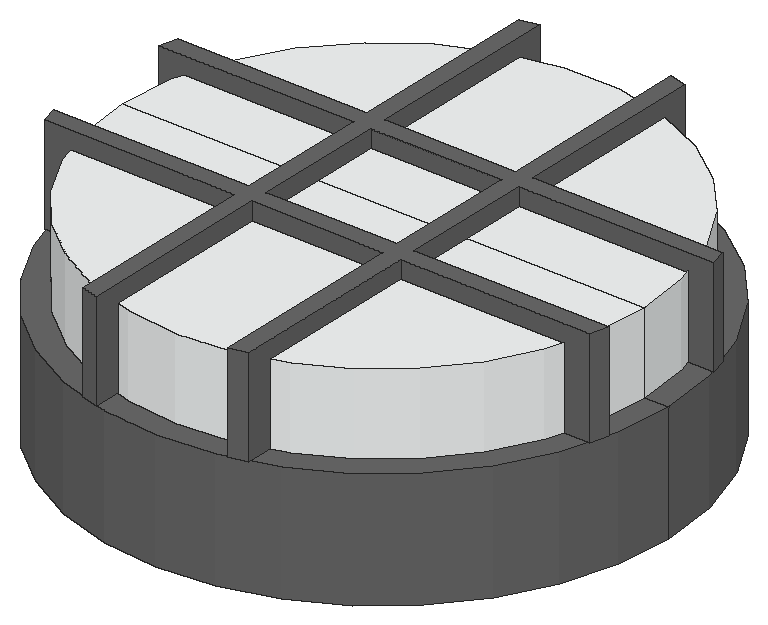
Revit family "33503_HOST_FACE", category Lighting Fixtures, host Face, Revit 2019
Family settings
  Host = Face
  Round Connector Dimension = Use Diameter
  Part Type = Normal
  Cut with Voids When Loaded = Yes
  Light Source = Yes
  Shared = No
  Room Calculation Point = No
Parameters (values of type "Ceiling and Wall Luminaires - Unshielded")
  Wattage = 2.80729 W
  built-in parameter 1150110 = 1 (stored number, unit not read)
  URL = "www.bega-us.com"
  built-in parameter 1114217 = 1 (stored number, unit not read)
  Tilt Angle = 180.00°
  built-in parameter 1150109 = 1 (stored number, unit not read)
  built-in parameter 1150134 = (empty or 0)
  Telephone = "805.684.0533"
  built-in parameter 1150113 = 1 (stored number, unit not read)
  Photometric Web File = "33503.ies"
  Model = "33 508"
  Manufacturer = "BEGA-US"
  built-in parameter 1150105 = 33.184 (stored number, unit not read)
  Lumens = 417 lm
  built-in parameter 1150115 = 1 (stored number, unit not read)
  built-in parameter 1150137 = (empty or 0)
  built-in parameter 1150139 = (empty or 0)
  built-in parameter 1150112 = 1 (stored number, unit not read)
  built-in parameter 1150114 = 1 (stored number, unit not read)
  Lamp = "4.7W LED"
  built-in parameter 1150132 = 2
  built-in parameter 1150102 = (empty or 0)
  built-in parameter 1150107 = 3000 (stored number, unit not read)
  built-in parameter 1150138 = (empty or 0)
  built-in parameter 1150106 = 0.33184 (stored number, unit not read)
  built-in parameter 1150104 = 13.8 (stored number, unit not read)
  Dimming Lamp Color Temperature Shift = <None>
  Description = "LED ceiling and wall luminaires - impact resistant"
  Default Elevation = 0' - 0"
  Color Filter = 16777215
  built-in parameter 1114218 = 1 (stored number, unit not read)
  built-in parameter 1150133 = 10 (stored number, unit not read)
Types (27): name | Wattage | Tilt Angle | built-in parameter 1150134 | Photometric Web File | Model | built-in parameter 1150105 | Lumens | Lamp | built-in parameter 1150107 | built-in parameter 1150106 | Description | Default Elevation
  (no name) | 2.80729 W | 180.00° | (empty or 0) | "33503.ies" | "33 508" | 33.184 (stored number, unit not read) | 417 lm | "4.7W LED" | 3000 (stored number, unit not read) | 0.33184 (stored number, unit not read) | "LED ceiling and wall luminaires - impact resistant" | 0' - 0"
  Wall Luminaires - Directed Light | 18.4392 W | 90.00° | (empty or 0) | "generic" | "2260LED" | 217.96 (stored number, unit not read) | 2739 lm | "44.6W LED" | 3000 (stored number, unit not read) | 2.1796 (stored number, unit not read) | "Surface wall with cutoff optics" | 6' - 0"
  Wall Luminaires - Linear | 9.92985 W | 90.00° | 9 | "generic" | "4425P" | 117.38 (stored number, unit not read) | 1475 lm | "(1) 39W CF twin-4-p" | 3450 (stored number, unit not read) | 1.1738 (stored number, unit not read) | "Suface wall - linear with white acrylic diffuser" | 6' - 0"
  Ceiling and Wall Luminaires - Unshielded | 2.80729 W | 180.00° | (empty or 0) | "33503.ies" | "33 508" | 33.184 (stored number, unit not read) | 417 lm | "4.7W LED" | 3000 (stored number, unit not read) | 0.33184 (stored number, unit not read) | "LED ceiling and wall luminaires - impact resistant" | 0' - 0"
  Recessed Luminaires - Round | 2.66591 W | 0.00° | (empty or 0) | "33508.ies" | "33 508" | 31.513 (stored number, unit not read) | 396 lm | "W LED" | 3000 (stored number, unit not read) | 0.31513 (stored number, unit not read) | "LED ceiling and wall luminaires - impact resistant" | 0' - 0"
  Recessed Luminaires - Square | 0.0067321 W | 0.00° | (empty or 0) | "88754.IES" | 0' - 0" | 0.079577 (stored number, unit not read) | 1 lm | "W LED" | 3000 (stored number, unit not read) | 0.00079577 (stored number, unit not read) | 0' - 0" | 0' - 0"
  Recessed Luminaires - Retangular | 2.66591 W | 0.00° | (empty or 0) | "33508.ies" | "33 508" | 31.513 (stored number, unit not read) | 396 lm | "W LED" | 3000 (stored number, unit not read) | 0.31513 (stored number, unit not read) | "LED ceiling and wall luminaires - impact resistant" | 0' - 0"
  Recessed Luminaires - Elongated | 2.66591 W | 0.00° | (empty or 0) | "33508.ies" | "33 508" | 31.513 (stored number, unit not read) | 396 lm | "W LED" | 3000 (stored number, unit not read) | 0.31513 (stored number, unit not read) | "LED ceiling and wall luminaires - impact resistant" | 0' - 0"
  Recessed Ceiling Luminaires - Downlights | 2.66591 W | 0.00° | (empty or 0) | "33508.ies" | "33 508" | 31.513 (stored number, unit not read) | 396 lm | "W LED" | 3000 (stored number, unit not read) | 0.31513 (stored number, unit not read) | "LED ceiling and wall luminaires - impact resistant" | 0' - 0"
  Recessed Ceiling Luminaires - Asymmetric | 2.66591 W | 0.00° | (empty or 0) | "33508.ies" | "33 508" | 31.513 (stored number, unit not read) | 396 lm | "W LED" | 3000 (stored number, unit not read) | 0.31513 (stored number, unit not read) | "LED ceiling and wall luminaires - impact resistant" | 0' - 0"
  Pendant and Cable Suspended Luminaires - Shielded | 2.66591 W | 0.00° | (empty or 0) | "33508.ies" | "33 508" | 31.513 (stored number, unit not read) | 396 lm | "W LED" | 3000 (stored number, unit not read) | 0.31513 (stored number, unit not read) | "LED ceiling and wall luminaires - impact resistant" | 0' - 0"
  Pendant and Cable Suspended Luminaires - Directed | 2.66591 W | 0.00° | (empty or 0) | "33508.ies" | "33 508" | 31.513 (stored number, unit not read) | 396 lm | "W LED" | 3000 (stored number, unit not read) | 0.31513 (stored number, unit not read) | "LED ceiling and wall luminaires - impact resistant" | 0' - 0"
  Ceiling Luminaires - Downlights | 2.66591 W | 0.00° | (empty or 0) | "33508.ies" | "33 508" | 31.513 (stored number, unit not read) | 396 lm | "W LED" | 3000 (stored number, unit not read) | 0.31513 (stored number, unit not read) | "LED ceiling and wall luminaires - impact resistant" | 0' - 0"
  Ceiling Luminaires - Asymmetric | 2.66591 W | 0.00° | (empty or 0) | "33508.ies" | "33 508" | 31.513 (stored number, unit not read) | 396 lm | "W LED" | 3000 (stored number, unit not read) | 0.31513 (stored number, unit not read) | "LED ceiling and wall luminaires - impact resistant" | 0' - 0"
  Ceiling and Wall Luminaires - Stainless Steel | 2.66591 W | 0.00° | (empty or 0) | "33508.ies" | "33 508" | 31.513 (stored number, unit not read) | 396 lm | "W LED" | 3000 (stored number, unit not read) | 0.31513 (stored number, unit not read) | "LED ceiling and wall luminaires - impact resistant" | 0' - 0"
  Wall Luminaires - Stainless Steel | 2.66591 W | 0.00° | (empty or 0) | "33508.ies" | "33 508" | 31.513 (stored number, unit not read) | 396 lm | "W LED" | 3000 (stored number, unit not read) | 0.31513 (stored number, unit not read) | "LED ceiling and wall luminaires - impact resistant" | 0' - 0"
  Wall Luminaires - Unshielded Light | 2.66591 W | 0.00° | (empty or 0) | "33508.ies" | "33 508" | 31.513 (stored number, unit not read) | 396 lm | "W LED" | 3000 (stored number, unit not read) | 0.31513 (stored number, unit not read) | "LED ceiling and wall luminaires - impact resistant" | 0' - 0"
  Wall Luminaires - Shielded Light | 2.66591 W | 0.00° | (empty or 0) | "33508.ies" | "33 508" | 31.513 (stored number, unit not read) | 396 lm | "W LED" | 3000 (stored number, unit not read) | 0.31513 (stored number, unit not read) | "LED ceiling and wall luminaires - impact resistant" | 0' - 0"
  On-Ground Luminaires | 2.66591 W | 0.00° | (empty or 0) | "33508.ies" | "33 508" | 31.513 (stored number, unit not read) | 396 lm | "W LED" | 3000 (stored number, unit not read) | 0.31513 (stored number, unit not read) | "LED ceiling and wall luminaires - impact resistant" | 0' - 0"
  Light Design Elements | 2.66591 W | 0.00° | (empty or 0) | "33508.ies" | "33 508" | 31.513 (stored number, unit not read) | 396 lm | "W LED" | 3000 (stored number, unit not read) | 0.31513 (stored number, unit not read) | "LED ceiling and wall luminaires - impact resistant" | 0' - 0"
  LED System Bollard | 2.66591 W | 0.00° | (empty or 0) | "33508.ies" | "33 508" | 31.513 (stored number, unit not read) | 396 lm | "W LED" | 3000 (stored number, unit not read) | 0.31513 (stored number, unit not read) | "LED ceiling and wall luminaires - impact resistant" | 0' - 0"
  Bollards | 2.66591 W | 0.00° | (empty or 0) | "33508.ies" | "33 508" | 31.513 (stored number, unit not read) | 396 lm | "W LED" | 3000 (stored number, unit not read) | 0.31513 (stored number, unit not read) | "LED ceiling and wall luminaires - impact resistant" | 0' - 0"
  Bollards - Stainless Steel | 2.66591 W | 0.00° | (empty or 0) | "33508.ies" | "33 508" | 31.513 (stored number, unit not read) | 396 lm | "W LED" | 3000 (stored number, unit not read) | 0.31513 (stored number, unit not read) | "LED ceiling and wall luminaires - impact resistant" | 0' - 0"
  Light Building Elements | 2.66591 W | 0.00° | (empty or 0) | "33508.ies" | "33 508" | 31.513 (stored number, unit not read) | 396 lm | "W LED" | 3000 (stored number, unit not read) | 0.31513 (stored number, unit not read) | "LED ceiling and wall luminaires - impact resistant" | 0' - 0"
  Pole-top Luminaires - with asymmetrical light distribution | 2.66591 W | 0.00° | (empty or 0) | "33508.ies" | "33 508" | 31.513 (stored number, unit not read) | 396 lm | "W LED" | 3000 (stored number, unit not read) | 0.31513 (stored number, unit not read) | "LED ceiling and wall luminaires - impact resistant" | 0' - 0"
  Pole-top Luminaires - with symmetrical light distribution | 2.66591 W | 0.00° | (empty or 0) | "33508.ies" | "33 508" | 31.513 (stored number, unit not read) | 396 lm | "W LED" | 3000 (stored number, unit not read) | 0.31513 (stored number, unit not read) | "LED ceiling and wall luminaires - impact resistant" | 0' - 0"
  Pole-top Luminaires - with indirect light | 2.66591 W | 0.00° | (empty or 0) | "88754.IES" | "33 508" | 31.513 (stored number, unit not read) | 396 lm | "W LED" | 3000 (stored number, unit not read) | 0.31513 (stored number, unit not read) | "LED ceiling and wall luminaires - impact resistant" | 0' - 0"
Reference planes (in)
  plane 1 "Center (Front/Back)": y = 0
  plane 2: z = 0
  plane 3 "Center (Left/Right)": x = 0
Dimensions and locks (in)
  aligned and locked: plane 2 to host face
  aligned and locked: level to host face
Nested families (in)
  nested 1: "33503" at (0, 0, 0), type "33503"
Connectors (in)
  electrical at (0, 0, 0)
    settings: on host face, index 1, voltage 0 V, apparent load 0 VA, apparent load phase1 0 VA, apparent load phase2 0 VA, apparent load phase3 0 VA, power factor 1, load classification "Other", number of poles 1, system type 31, power factor state 1, is connector primary yes, connector utility no, sub classification motor no, connector description ""
Definition of nested family "33503"
  Reference planes (in)
    plane 1 "Center (Front/Back)": y = 0
    plane 2: z = 0
    plane 3 "Center (Left/Right)": x = 0
    plane 4: y = 0
  Forms (in)
    Revolve 1, solid
      sketch origin (0, 0, 0) x (1, 0, 0) y (0, 0, 1)
        loop
          line (-4.125, 0) -> (0, 0) -> (0, 1.519) -> (-3.77344, 1.519) -> (-3.77344, 1.71094) -> (-4.125, 1.71094) -> (-4.125, 0)
        axis (0, 1.71094) -> (0, 0)
      angle from 0 to 360
    Revolve 2, solid
      sketch origin (0, 0, 0) x (1, 0, 0) y (0, 0, 1)
        loop
          line (0, 1.519) -> (0, 2.87379) -> (-3.77344, 2.87379) -> (-3.77344, 1.519) -> (0, 1.519)
        axis (0, 2.87379) -> (0, 1.519)
      angle from 0 to 360
    Extrusion 3, solid
      sketch origin (0, 0, 0) x (1, 0, 0) y (0, 1, 0)
        loop
          line (-1.19922, 3.94683) -> (-1.19922, 1.19922) -> (-3.94683, 1.19922)
          arc (-3.94683, 1.19922) -> (-3.98253, 1.07475) -> (-4.0143, 0.94922) r 4.125
          line (-4.0143, 0.94922) -> (-1.19922, 0.94922) -> (-1.19922, -0.94922) -> (-4.0143, -0.94922)
          arc (-4.0143, -0.94922) -> (-3.98253, -1.07475) -> (-3.94683, -1.19922) r 4.125
          line (-3.94683, -1.19922) -> (-1.19922, -1.19922) -> (-1.19922, -3.94683)
          arc (-1.19922, -3.94683) -> (-1.07475, -3.98253) -> (-0.94922, -4.0143) r 4.125
          line (-0.94922, -4.0143) -> (-0.94922, -1.19922) -> (0.94922, -1.19922) -> (0.94922, -4.0143)
          arc (0.94922, -4.0143) -> (1.07475, -3.98253) -> (1.19922, -3.94683) r 4.125
          line (1.19922, -3.94683) -> (1.19922, -1.19922) -> (3.94683, -1.19922)
          arc (3.94683, -1.19922) -> (3.98253, -1.07475) -> (4.0143, -0.94922) r 4.125
          line (4.0143, -0.94922) -> (1.19922, -0.94922) -> (1.19922, 0.94922) -> (4.0143, 0.94922)
          arc (4.0143, 0.94922) -> (3.98253, 1.07475) -> (3.94683, 1.19922) r 4.125
          line (3.94683, 1.19922) -> (1.19922, 1.19922) -> (1.19922, 3.94683)
          arc (1.19922, 3.94683) -> (1.07475, 3.98253) -> (0.94922, 4.0143) r 4.125
          line (0.94922, 4.0143) -> (0.94922, 1.19922) -> (-0.94922, 1.19922) -> (-0.94922, 4.0143)
          arc (-0.94922, 4.0143) -> (-1.07475, 3.98253) -> (-1.19922, 3.94683) r 4.125
        loop
          line (0.94922, 0.94922) -> (-0.94922, 0.94922) -> (-0.94922, -0.94922) -> (0.94922, -0.94922) -> (0.94922, 0.94922)
      from 1.71094 to 3.12379
  Dimensions and locks (in)
    aligned and locked: plane 2 to level
